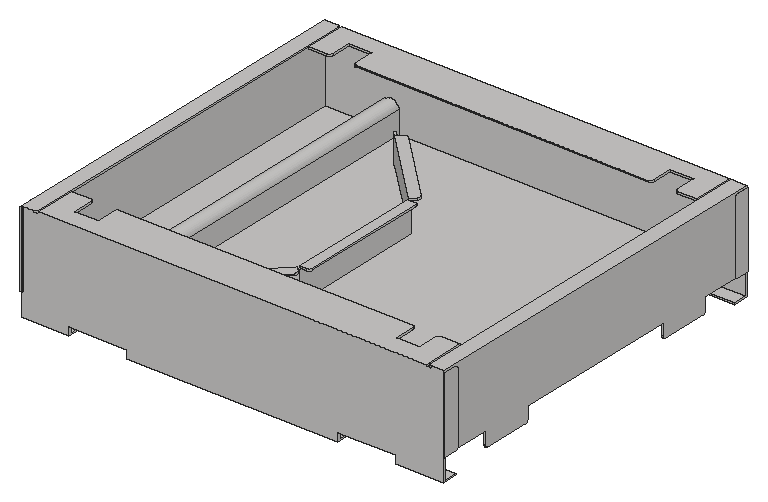
Revit family "QF_Vollrath_351038", category Specialty Equipment, Revit 2016
Family settings
  Part Type = Normal
  Round Connector Dimension = Use Diameter
  OmniClass Number = 23.40.40.00
  OmniClass Title = Food Service Equipment and Furnishings
  Work Plane-Based = No
  Always vertical = Yes
  Cut with Voids When Loaded = No
  Shared = No
  Room Calculation Point = No
Parameters
  Width = 18.196"
  Watermarked By = ""
  Model = "351038"
  Manufacturer = "Vollrath"
  Item Number = "-"
  Height = 4.25"
  Description = "Stack Kit"
  Depth = 16.328"
  Assembly Code = "E1090300"
Reference planes (in)
  plane 1 "BACK": y = 0
  plane 2: z = 0
  plane 3 "LEFT": x = -16.56573
  plane 4 "FRONT": y = -16.328
  plane 5 "RIGHT": x = 1.63027
  plane 6 "TOP": z = 4.25
  plane 7 "Bottom 2": z = 1
  plane 8 "Bottom 1": z = 0.34
  plane 9: y = -8.164
  plane 10: x = -7.46773
Forms (in)
  Extrusion 1, solid, material "QF_Stainless-Polished"
    sketch origin (0, 0, 0) x (1, 0, 0) y (0, 0, 1)
      loop
        line (1.63027, 0) -> (1.63027, 4.25) -> (-16.56573, 4.25) -> (-16.56573, 0) -> (-14.51573, 0) -> (-14.51573, 0.34) -> (-12.01573, 0.34) -> (-12.01573, 0) -> (-2.91973, 0) -> (-2.91973, 0.34) -> (-0.41973, 0.34) -> (-0.41973, 0) -> (1.63027, 0)
    from 0 to 0.06
  Extrusion 2, solid, material "QF_Stainless-Polished"
    sketch origin (0, -16.328, 0) x (-1, 0, 0) y (0, 0, 1)
      loop
        line (16.56573, 0) -> (16.56573, 4.25) -> (-1.63027, 4.25) -> (-1.63027, 0) -> (0.41973, 0) -> (0.41973, 0.34) -> (2.91973, 0.34) -> (2.91973, 0) -> (12.01573, 0) -> (12.01573, 0.34) -> (14.51573, 0.34) -> (14.51573, 0) -> (16.56573, 0)
    from 0 to 0.06
  Extrusion 3, solid, material "QF_Stainless-Polished"
    sketch origin (0, 0, 0) x (1, 0, 0) y (0, 1, 0)
      loop
        arc (-14.64573, -0.67) -> (-14.5538, -0.63192) -> (-14.51573, -0.54) r 0.13
        line (-14.51573, -0.54) -> (-14.51573, -0.06) -> (-16.56573, -0.06) -> (-16.56573, -0.67) -> (-14.64573, -0.67)
      loop
        line (-12.01573, -0.06) -> (-12.01573, -0.54)
        arc (-12.01573, -0.54) -> (-11.97765, -0.63192) -> (-11.88573, -0.67) r 0.13
        line (-11.88573, -0.67) -> (-3.04973, -0.67)
        arc (-3.04973, -0.67) -> (-2.9578, -0.63192) -> (-2.91973, -0.54) r 0.13
        line (-2.91973, -0.54) -> (-2.91973, -0.06) -> (-12.01573, -0.06)
      loop
        line (-0.41973, -0.06) -> (-0.41973, -0.54)
        arc (-0.41973, -0.54) -> (-0.38165, -0.63192) -> (-0.28973, -0.67) r 0.13
        line (-0.28973, -0.67) -> (1.63027, -0.67) -> (1.63027, -0.06) -> (-0.41973, -0.06)
    from 0 to 0.06
  Extrusion 4, solid, material "QF_Stainless-Polished"
    sketch origin (0, 0, 0) x (1, 0, 0) y (0, 1, 0)
      loop
        line (-16.56573, -15.658) -> (-16.56573, -16.268) -> (-14.51573, -16.268) -> (-14.51573, -15.788)
        arc (-14.51573, -15.788) -> (-14.5538, -15.69608) -> (-14.64573, -15.658) r 0.13
        line (-14.64573, -15.658) -> (-16.56573, -15.658)
      loop
        line (-12.01573, -16.268) -> (-2.91973, -16.268) -> (-2.91973, -15.788)
        arc (-2.91973, -15.788) -> (-2.9578, -15.69608) -> (-3.04973, -15.658) r 0.13
        line (-3.04973, -15.658) -> (-11.88573, -15.658)
        arc (-11.88573, -15.658) -> (-11.97765, -15.69608) -> (-12.01573, -15.788) r 0.13
        line (-12.01573, -15.788) -> (-12.01573, -16.268)
      loop
        line (-0.41973, -16.268) -> (1.63027, -16.268) -> (1.63027, -15.658) -> (-0.28973, -15.658)
        arc (-0.28973, -15.658) -> (-0.38165, -15.69608) -> (-0.41973, -15.788) r 0.13
        line (-0.41973, -15.788) -> (-0.41973, -16.268)
    from 0 to 0.06
  Extrusion 5, solid, material "QF_Stainless-Polished"
    sketch origin (-16.56573, 0, 0) x (0, 1, 0) y (0, 0, 1)
      loop
        line (0, 4.25) -> (-16.328, 4.25) -> (-16.328, 1) -> (-14.078, 1) -> (-14.078, 0.47)
        arc (-14.078, 0.47) -> (-14.03992, 0.37808) -> (-13.948, 0.34) r 0.13
        line (-13.948, 0.34) -> (-11.958, 0.34)
        arc (-11.958, 0.34) -> (-11.86608, 0.37808) -> (-11.828, 0.47) r 0.13
        line (-11.828, 0.47) -> (-11.828, 1) -> (-4.5, 1) -> (-4.5, 0.47)
        arc (-4.5, 0.47) -> (-4.46192, 0.37808) -> (-4.37, 0.34) r 0.13
        line (-4.37, 0.34) -> (-2.38, 0.34)
        arc (-2.38, 0.34) -> (-2.28808, 0.37808) -> (-2.25, 0.47) r 0.13
        line (-2.25, 0.47) -> (-2.25, 1) -> (0, 1) -> (0, 4.25)
    from 0 to 0.06
  Extrusion 6, solid, material "QF_Stainless-Polished"
    sketch origin (1.63027, 0, 0) x (0, 1, 0) y (0, 0, 1)
      loop
        line (-2.25, 1) -> (0, 1) -> (0, 4.25) -> (-16.328, 4.25) -> (-16.328, 1) -> (-14.078, 1) -> (-14.078, 0.47)
        arc (-14.078, 0.47) -> (-14.03992, 0.37808) -> (-13.948, 0.34) r 0.13
        line (-13.948, 0.34) -> (-11.958, 0.34)
        arc (-11.958, 0.34) -> (-11.86608, 0.37808) -> (-11.828, 0.47) r 0.13
        line (-11.828, 0.47) -> (-11.828, 1) -> (-4.5, 1) -> (-4.5, 0.47)
        arc (-4.5, 0.47) -> (-4.46192, 0.37808) -> (-4.37, 0.34) r 0.13
        line (-4.37, 0.34) -> (-2.38, 0.34)
        arc (-2.38, 0.34) -> (-2.28808, 0.37808) -> (-2.25, 0.47) r 0.13
        line (-2.25, 0.47) -> (-2.25, 1)
    from 0 to -0.06
  Extrusion 7, solid, material "QF_Stainless-Polished"
    sketch origin (0, 0, 4.25) x (0, 1, 0) y (-1, 0, 0)
      loop
        line (0, 16.56573) -> (-16.328, 16.56573) -> (-16.328, 16.02573)
        arc (-16.328, 16.02573) -> (-16.28992, 15.9338) -> (-16.198, 15.89573) r 0.13
        line (-16.198, 15.89573) -> (-0.13, 15.89573)
        arc (-0.13, 15.89573) -> (-0.03808, 15.9338) -> (0, 16.02573) r 0.13
        line (0, 16.02573) -> (0, 16.56573)
      loop
        line (-16.328, -1.63027) -> (0, -1.63027) -> (0, -1.09027)
        arc (0, -1.09027) -> (-0.03808, -0.99835) -> (-0.13, -0.96027) r 0.13
        line (-0.13, -0.96027) -> (-16.198, -0.96027)
        arc (-16.198, -0.96027) -> (-16.28992, -0.99835) -> (-16.328, -1.09027) r 0.13
        line (-16.328, -1.09027) -> (-16.328, -1.63027)
      loop
        line (-1.79, 15.83573) -> (-1.79, 15.02573)
        arc (-1.79, 15.02573) -> (-1.75192, 14.9338) -> (-1.66, 14.89573) r 0.13
        line (-1.66, 14.89573) -> (-0.79, 14.89573) -> (-0.79, 13.89573) -> (-1.66, 13.89573)
        arc (-1.66, 13.89573) -> (-1.75192, 13.85765) -> (-1.79, 13.76573) r 0.13
        line (-1.79, 13.76573) -> (-1.79, 1.16973)
        arc (-1.79, 1.16973) -> (-1.75192, 1.0778) -> (-1.66, 1.03973) r 0.13
        line (-1.66, 1.03973) -> (-0.79, 1.03973) -> (-0.79, 0.03973) -> (-1.66, 0.03973)
        arc (-1.66, 0.03973) -> (-1.75192, 0.00165) -> (-1.79, -0.09027) r 0.13
        line (-1.79, -0.09027) -> (-1.79, -0.90027) -> (0, -0.90027) -> (0, 15.83573) -> (-1.79, 15.83573)
      loop
        line (-14.538, -0.90027) -> (-14.538, -0.09027)
        arc (-14.538, -0.09027) -> (-14.57608, 0.00165) -> (-14.668, 0.03973) r 0.13
        line (-14.668, 0.03973) -> (-15.538, 0.03973) -> (-15.538, 1.03973) -> (-14.668, 1.03973)
        arc (-14.668, 1.03973) -> (-14.57608, 1.0778) -> (-14.538, 1.16973) r 0.13
        line (-14.538, 1.16973) -> (-14.538, 13.76573)
        arc (-14.538, 13.76573) -> (-14.57608, 13.85765) -> (-14.668, 13.89573) r 0.13
        line (-14.668, 13.89573) -> (-15.538, 13.89573) -> (-15.538, 14.89573) -> (-14.668, 14.89573)
        arc (-14.668, 14.89573) -> (-14.57608, 14.9338) -> (-14.538, 15.02573) r 0.13
        line (-14.538, 15.02573) -> (-14.538, 15.83573) -> (-16.328, 15.83573) -> (-16.328, -0.90027) -> (-14.538, -0.90027)
    from 0 to 0.06
  Extrusion 8, solid, material "QF_Stainless-Polished"
    sketch origin (1.63027, 0, 0) x (0, 1, 0) y (0, 0, 1)
      loop
        line (0, 4.25) -> (-0.54, 4.25)
        arc (-0.54, 4.25) -> (-0.63192, 4.21192) -> (-0.67, 4.12) r 0.13
        line (-0.67, 4.12) -> (-0.67, 1.13)
        arc (-0.67, 1.13) -> (-0.63192, 1.03808) -> (-0.54, 1) r 0.13
        line (-0.54, 1) -> (0, 1) -> (0, 4.25)
      loop
        line (-16.328, 4.25) -> (-16.328, 1) -> (-15.788, 1)
        arc (-15.788, 1) -> (-15.69608, 1.03808) -> (-15.658, 1.13) r 0.13
        line (-15.658, 1.13) -> (-15.658, 4.12)
        arc (-15.658, 4.12) -> (-15.69608, 4.21192) -> (-15.788, 4.25) r 0.13
        line (-15.788, 4.25) -> (-16.328, 4.25)
    from 0 to 0.06
  Extrusion 9, solid, material "QF_Stainless-Polished"
    sketch origin (-16.56573, 0, 0) x (0, 1, 0) y (0, 0, 1)
      loop
        arc (-0.54, 4.25) -> (-0.63192, 4.21192) -> (-0.67, 4.12) r 0.13
        line (-0.67, 4.12) -> (-0.67, 1.13)
        arc (-0.67, 1.13) -> (-0.63192, 1.03808) -> (-0.54, 1) r 0.13
        line (-0.54, 1) -> (0, 1) -> (0, 4.25) -> (-0.54, 4.25)
      loop
        line (-15.658, 1.13) -> (-15.658, 4.12)
        arc (-15.658, 4.12) -> (-15.69608, 4.21192) -> (-15.788, 4.25) r 0.13
        line (-15.788, 4.25) -> (-16.328, 4.25) -> (-16.328, 1) -> (-15.788, 1)
        arc (-15.788, 1) -> (-15.69608, 1.03808) -> (-15.658, 1.13) r 0.13
    from 0 to -0.06
  Extrusion 10, solid, material "QF_Stainless-Polished"
    sketch origin (0, 0, 1) x (0, 1, 0) y (-1, 0, 0)
      loop
        line (-16.268, 16.50573) -> (-16.268, -1.57027) -> (-0.06, -1.57027) -> (-0.06, 16.50573) -> (-16.268, 16.50573)
    from 0 to 0.06
  Extrusion 11, solid, material "QF_Stainless-Polished"
    sketch origin (0, 0, 1) x (0, 1, 0) y (-1, 0, 0)
      loop
        line (-16.268, 14.01573) -> (-16.268, 13.33573) -> (-0.06, 13.33573) -> (-0.06, 14.01573) -> (-16.268, 14.01573)
    from 0 to 1
  Sweep 12, solid, material "QF_Stainless-Polished"
    path in 3D
      loop
        line (-13.33573, -16.268, 2) -> (-13.33573, -0.06, 2)
    profile origin (-13.33573, -8.164, 2) x (-1, 0, 0) y (0, 0, 1)
      loop
        line (0, 0) -> (0.68, 0)
        arc (0.68, 0) -> (0.34, 0.34) -> (0, 0) r 0.34
  Extrusion 13, solid, material "QF_Stainless-Polished"
    sketch origin (0, 0, 1) x (0, 1, 0) y (-1, 0, 0)
      loop
        line (-11.164, 8.70573) -> (-5.164, 8.70573) -> (-1.79, 12.07973) -> (-1.79, 12.16458) -> (-5.18885, 8.76573) -> (-11.13915, 8.76573) -> (-14.538, 12.16458) -> (-14.538, 12.07973) -> (-11.164, 8.70573)
    from 0 to 1.3401
  Extrusion 14, solid, material "QF_Stainless-Polished"
    sketch origin (0, 0, 2.3401) x (0, 1, 0) y (-1, 0, 0)
      loop
        line (-5.24885, 8.76573) -> (-11.07915, 8.76573) -> (-11.07915, 8.47573)
        arc (-11.07915, 8.47573) -> (-11.04107, 8.3838) -> (-10.94915, 8.34573) r 0.13
        line (-10.94915, 8.34573) -> (-5.37885, 8.34573)
        arc (-5.37885, 8.34573) -> (-5.28693, 8.3838) -> (-5.24885, 8.47573) r 0.13
        line (-5.24885, 8.47573) -> (-5.24885, 8.76573)
      loop
        line (-2.08698, 11.86759) -> (-5.14643, 8.80815) -> (-4.94137, 8.60309)
        arc (-4.94137, 8.60309) -> (-4.84944, 8.56501) -> (-4.75752, 8.60309) r 0.13
        line (-4.75752, 8.60309) -> (-1.88192, 11.47868)
        arc (-1.88192, 11.47868) -> (-1.84385, 11.57061) -> (-1.88192, 11.66253) r 0.13
        line (-1.88192, 11.66253) -> (-2.08698, 11.86759)
      loop
        line (-11.18157, 8.80815) -> (-14.24102, 11.86759) -> (-14.44608, 11.66253)
        arc (-14.44608, 11.66253) -> (-14.48415, 11.57061) -> (-14.44608, 11.47868) r 0.13
        line (-14.44608, 11.47868) -> (-11.57048, 8.60309)
        arc (-11.57048, 8.60309) -> (-11.47856, 8.56501) -> (-11.38663, 8.60309) r 0.13
        line (-11.38663, 8.60309) -> (-11.18157, 8.80815)
    from 0 to 0.06
Cuts and joins
  joined: Extrusion 1, Extrusion 2, Extrusion 3, Extrusion 4, Extrusion 6, Extrusion 7
  joined: Extrusion 11, Sweep 12
  joined: Extrusion 10, Extrusion 13, Extrusion 14
Lines and regions (in)
  sketch lines
    curve 1: line (-13.33573, -16.268, 2) -> (-13.33573, -0.06, 2)
  symbolic lines
    curve 2: line (-16.56573, 0, 1) -> (1.63027, 0, 1)
    curve 3: line (-16.56573, -16.328, 1) -> (-16.56573, 0, 1)
    curve 4: line (1.63027, -16.328, 1) -> (-16.56573, -16.328, 1)
    curve 5: line (1.63027, 0, 1) -> (1.63027, -16.328, 1)
  symbolic lines, style "QF_Details_Surface"
    curve 6: line (-15.89573, -16.198, 1) -> (-15.89573, -0.13, 1)
    curve 7: arc (-15.89573, -0.13, 1) -> (-15.9338, -0.03808, 1) -> (-16.02573, 0, 1) r 0.13
    curve 8: arc (-16.02573, -16.328, 1) -> (-15.9338, -16.28992, 1) -> (-15.89573, -16.198, 1) r 0.13
    curve 9: line (-15.83573, 0, 1) -> (-15.83573, -1.79, 1)
    curve 10: line (-15.83573, -1.79, 1) -> (-15.02573, -1.79, 1)
    curve 11: arc (-15.02573, -1.79, 1) -> (-14.9338, -1.75192, 1) -> (-14.89573, -1.66, 1) r 0.13
    curve 12: line (-14.89573, -1.66, 1) -> (-14.89573, -0.79, 1)
    curve 13: line (-14.89573, -0.79, 1) -> (-13.89573, -0.79, 1)
    curve 14: line (-13.89573, -0.79, 1) -> (-13.89573, -1.66, 1)
    curve 15: arc (-13.89573, -1.66, 1) -> (-13.85765, -1.75192, 1) -> (-13.76573, -1.79, 1) r 0.13
    curve 16: line (-13.76573, -1.79, 1) -> (-1.16973, -1.79, 1)
    curve 17: arc (-1.16973, -1.79, 1) -> (-1.0778, -1.75192, 1) -> (-1.03973, -1.66, 1) r 0.13
    curve 18: line (-1.03973, -1.66, 1) -> (-1.03973, -0.79, 1)
    curve 19: line (-1.03973, -0.79, 1) -> (-0.03973, -0.79, 1)
    curve 20: line (-0.03973, -0.79, 1) -> (-0.03973, -1.66, 1)
    curve 21: arc (-0.03973, -1.66, 1) -> (-0.00165, -1.75192, 1) -> (0.09027, -1.79, 1) r 0.13
    curve 22: line (0.09027, -1.79, 1) -> (0.90027, -1.79, 1)
    curve 23: line (0.90027, -1.79, 1) -> (0.90027, 0, 1)
    curve 24: line (0.96027, -0.13, 1) -> (0.96027, -16.198, 1)
    curve 25: arc (1.09027, 0, 1) -> (0.99835, -0.03808, 1) -> (0.96027, -0.13, 1) r 0.13
    curve 26: arc (0.96027, -16.198, 1) -> (0.99835, -16.28992, 1) -> (1.09027, -16.328, 1) r 0.13
    curve 27: line (0.90027, -16.328, 1) -> (0.90027, -14.538, 1)
    curve 28: line (0.90027, -14.538, 1) -> (0.09027, -14.538, 1)
    curve 29: arc (0.09027, -14.538, 1) -> (-0.00165, -14.57608, 1) -> (-0.03973, -14.668, 1) r 0.13
    curve 30: line (-0.03973, -14.668, 1) -> (-0.03973, -15.538, 1)
    curve 31: line (-0.03973, -15.538, 1) -> (-1.03973, -15.538, 1)
    curve 32: line (-1.03973, -15.538, 1) -> (-1.03973, -14.668, 1)
    curve 33: arc (-1.03973, -14.668, 1) -> (-1.0778, -14.57608, 1) -> (-1.16973, -14.538, 1) r 0.13
    curve 34: line (-1.16973, -14.538, 1) -> (-13.76573, -14.538, 1)
    curve 35: line (-13.89573, -14.668, 1) -> (-13.89573, -15.538, 1)
    curve 36: arc (-13.76573, -14.538, 1) -> (-13.85765, -14.57608, 1) -> (-13.89573, -14.668, 1) r 0.13
    curve 37: line (-13.89573, -15.538, 1) -> (-14.89573, -15.538, 1)
    curve 38: line (-14.89573, -15.538, 1) -> (-14.89573, -14.668, 1)
    curve 39: arc (-14.89573, -14.668, 1) -> (-14.9338, -14.57608, 1) -> (-15.02573, -14.538, 1) r 0.13
    curve 40: line (-15.02573, -14.538, 1) -> (-15.83573, -14.538, 1)
    curve 41: line (-14.01573, -0.79, 1) -> (-14.01573, -15.538, 1)
    curve 42: line (-13.33573, -14.538, 1) -> (-13.33573, -1.79, 1)
    curve 43: line (-8.76573, -11.13915, 1) -> (-12.16458, -14.538, 1)
    curve 44: line (-11.86759, -14.24102, 1) -> (-11.66253, -14.44608, 1)
    curve 45: arc (-11.66253, -14.44608, 1) -> (-11.57061, -14.48415, 1) -> (-11.47868, -14.44608, 1) r 0.13
    curve 46: line (-11.47868, -14.44608, 1) -> (-8.60309, -11.57048, 1)
    curve 47: arc (-8.60309, -11.57048, 1) -> (-8.56501, -11.47856, 1) -> (-8.60309, -11.38663, 1) r 0.13
    curve 48: line (-8.60309, -11.38663, 1) -> (-8.80815, -11.18157, 1)
    curve 49: line (-8.76573, -11.07915, 1) -> (-8.47573, -11.07915, 1)
    curve 50: line (-8.76573, -5.18885, 1) -> (-8.76573, -11.13915, 1)
    curve 51: arc (-8.47573, -11.07915, 1) -> (-8.3838, -11.04107, 1) -> (-8.34573, -10.94915, 1) r 0.13
    curve 52: line (-8.34573, -10.94915, 1) -> (-8.34573, -5.37885, 1)
    curve 53: arc (-8.34573, -5.37885, 1) -> (-8.3838, -5.28693, 1) -> (-8.47573, -5.24885, 1) r 0.13
    curve 54: line (-8.47573, -5.24885, 1) -> (-8.76573, -5.24885, 1)
    curve 55: line (-8.80815, -5.14643, 1) -> (-8.60309, -4.94137, 1)
    curve 56: line (-12.16458, -1.79, 1) -> (-8.76573, -5.18885, 1)
    curve 57: arc (-8.60309, -4.94137, 1) -> (-8.56501, -4.84944, 1) -> (-8.60309, -4.75752, 1) r 0.13
    curve 58: line (-8.60309, -4.75752, 1) -> (-11.47868, -1.88192, 1)
    curve 59: arc (-11.47868, -1.88192, 1) -> (-11.57061, -1.84385, 1) -> (-11.66253, -1.88192, 1) r 0.13
    curve 60: line (-11.66253, -1.88192, 1) -> (-11.86759, -2.08698, 1)
    curve 61: line (-11.82517, -2.04456, 1) -> (-12.07973, -1.79, 1)
    curve 62: line (-8.70573, -5.164, 1) -> (-8.76573, -5.104, 1)
    curve 63: line (-8.70573, -5.164, 1) -> (-8.70573, -5.24885, 1)
    curve 64: line (-8.70573, -11.164, 1) -> (-8.70573, -11.07915, 1)
    curve 65: line (-8.70573, -11.164, 1) -> (-8.76573, -11.224, 1)
    curve 66: line (-11.82517, -14.28344, 1) -> (-12.07973, -14.538, 1)
Dimensions and locks (in)
  "Width": plane 3 "LEFT" to plane 5 "RIGHT"
  "Depth": plane 4 "FRONT" to plane 1 "BACK"
  "Height": plane 6 "TOP" to plane 2
  locked: plane 6 "TOP" to plane 7 "Bottom 2" at 3.25
  locked: plane 6 "TOP" to plane 8 "Bottom 1" at 3.91
  equal spacing: plane 3 "LEFT", plane 10, plane 5 "RIGHT"
  equal spacing: plane 1 "BACK", plane 9, plane 4 "FRONT"
  aligned and locked: level to plane 2
  aligned and locked: level to Extrusion 1 sketch curve
  aligned and locked: Extrusion 1 sketch curve to level
  aligned and locked: Extrusion 2 sketch curve to Extrusion 1  (x12)
  aligned and locked: plane 5 "RIGHT" to Extrusion 3 sketch curve
  aligned and locked: plane 3 "LEFT" to Extrusion 3 sketch curve
  aligned and locked: Extrusion 3 sketch curve to Extrusion 3 sketch curve  (x2)
  aligned and locked: Extrusion 1 to Extrusion 3 sketch curve  (x2)
  aligned and locked: Extrusion 5 sketch curve to plane 6 "TOP"
  aligned and locked: Extrusion 5 sketch curve to plane 7 "Bottom 2"
  aligned and locked: Extrusion 5 sketch curve to plane 8 "Bottom 1"
  aligned and locked: Extrusion 6 sketch curve to Extrusion 5  (x9)
  aligned and locked: Extrusion 6 sketch curve to plane 6 "TOP"
  aligned and locked: plane 4 "FRONT" to Extrusion 6 sketch curve
  aligned and locked: plane 1 "BACK" to Extrusion 6 sketch curve
  aligned and locked: curve 2 to cut or joined group of Extrusion 1, Extrusion 2, Extrusion 3, Extrusion 4, Extrusion 6, Extrusion 7
  aligned and locked: curve 3 to Extrusion 5
  aligned and locked: curve 4 to cut or joined group of Extrusion 1, Extrusion 2, Extrusion 3, Extrusion 4, Extrusion 6, Extrusion 7
  aligned and locked: curve 5 to Extrusion 8
Automatic sketch dimensions
  Extrusion 1 sketch curve to plane 3 "LEFT" = 0"
  Extrusion 1 sketch curve to plane 8 "Bottom 1" = 0"  (x2)
  Extrusion 1 sketch curve to plane 5 "RIGHT" = 0"
  plane 3 "LEFT" to Extrusion 1 sketch curve = 2.05"
  Extrusion 1 sketch curve to Extrusion 1 sketch curve = 2.5"
  Extrusion 1 sketch curve to plane 5 "RIGHT" = 4.55"
  Extrusion 1 sketch curve to plane 5 "RIGHT" = 2.05"
  Extrusion 1 sketch curve to level = 0"
  Extrusion 1 sketch curve to plane 6 "TOP" = 0"
  plane 3 "LEFT" to Extrusion 3 sketch curve = 1.92"
  plane 1 "BACK" to Extrusion 3 sketch curve = 0.06"
  Extrusion 3 sketch curve to Extrusion 3 sketch curve = 0.13"  (x3)
  plane 1 "BACK" to Extrusion 3 sketch curve = 0.54"  (x2)
  Extrusion 3 sketch curve to Extrusion 3 sketch curve = 2.5"
  Extrusion 3 sketch curve to plane 5 "RIGHT" = 4.68"
  Extrusion 3 sketch curve to plane 5 "RIGHT" = 2.05"
  Extrusion 4 sketch curve to plane 3 "LEFT" = 0"
  Extrusion 4 sketch curve to plane 5 "RIGHT" = 0"
  plane 4 "FRONT" to Extrusion 4 sketch curve = 0.54"  (x3)
  plane 3 "LEFT" to Extrusion 4 sketch curve = 1.92"
  plane 4 "FRONT" to Extrusion 4 sketch curve = 0.06"  (x3)
  Extrusion 4 sketch curve to Extrusion 4 sketch curve = 0.13"  (x3)
  Extrusion 4 sketch curve to Extrusion 4 sketch curve = 2.5"
  plane 10 to Extrusion 4 sketch curve = 4.418"
  Extrusion 4 sketch curve to plane 5 "RIGHT" = 2.05"
  Extrusion 4 sketch curve to Extrusion 4 sketch curve = 0.48"
  Extrusion 5 sketch curve to plane 4 "FRONT" = 0"
  Extrusion 5 sketch curve to plane 7 "Bottom 2" = 0"  (x2)
  Extrusion 5 sketch curve to plane 8 "Bottom 1" = 0"
  Extrusion 5 sketch curve to plane 1 "BACK" = 0"
  plane 4 "FRONT" to Extrusion 5 sketch curve = 2.25"
  Extrusion 5 sketch curve to Extrusion 5 sketch curve = 0.13"
  plane 8 "Bottom 1" to Extrusion 5 sketch curve = 0.13"  (x3)
  Extrusion 5 sketch curve to Extrusion 5 sketch curve = 1.99"  (x2)
  Extrusion 5 sketch curve to plane 9 = 3.664"
  Extrusion 6 sketch curve to Extrusion 6 sketch curve = 0.13"  (x3)
  plane 8 "Bottom 1" to Extrusion 6 sketch curve = 0.13"
  Extrusion 7 sketch curve to plane 4 "FRONT" = 0"  (x3)
  plane 1 "BACK" to Extrusion 7 sketch curve = 0"  (x3)
  Extrusion 7 sketch curve to plane 5 "RIGHT" = 0"
  Extrusion 7 sketch curve to plane 3 "LEFT" = 0"
  plane 4 "FRONT" to Extrusion 7 sketch curve = 0.13"  (x2)
  plane 4 "FRONT" to Extrusion 7 sketch curve = 0.79"  (x2)
  Extrusion 7 sketch curve to Extrusion 7 sketch curve = 0.87"  (x4)
  Extrusion 7 sketch curve to Extrusion 7 sketch curve = 0.13"  (x8)
  Extrusion 7 sketch curve to Extrusion 7 sketch curve = 1.79"
  Extrusion 7 sketch curve to Extrusion 7 sketch curve = 0"  (x2)
  plane 1 "BACK" to Extrusion 7 sketch curve = 0.79"  (x2)
  plane 1 "BACK" to Extrusion 7 sketch curve = 0.13"
  Extrusion 7 sketch curve to Extrusion 7 sketch curve = 0.54"
  Extrusion 7 sketch curve to plane 5 "RIGHT" = 0.73"  (x2)
  Extrusion 7 sketch curve to Extrusion 7 sketch curve = 0.81"  (x2)
  Extrusion 7 sketch curve to Extrusion 7 sketch curve = 1"  (x4)
  plane 3 "LEFT" to Extrusion 7 sketch curve = 2.8"  (x2)
  plane 3 "LEFT" to Extrusion 7 sketch curve = 0.73"  (x2)
  Extrusion 7 sketch curve to Extrusion 7 sketch curve = 0.06"
  Extrusion 8 sketch curve to plane 4 "FRONT" = 0"
  Extrusion 8 sketch curve to plane 7 "Bottom 2" = 0"  (x2)
  Extrusion 8 sketch curve to plane 6 "TOP" = 0"  (x2)
  Extrusion 8 sketch curve to plane 1 "BACK" = 0"
  Extrusion 8 sketch curve to Extrusion 8 sketch curve = 0.54"
  Extrusion 8 sketch curve to plane 6 "TOP" = 0.13"
  plane 4 "FRONT" to Extrusion 8 sketch curve = 0.54"
  plane 7 "Bottom 2" to Extrusion 8 sketch curve = 0.13"
  plane 1 "BACK" to Extrusion 8 sketch curve = 0.67"
  Extrusion 8 sketch curve to Extrusion 8 sketch curve = 0.13"
  Extrusion 9 sketch curve to plane 4 "FRONT" = 0"
  Extrusion 9 sketch curve to plane 7 "Bottom 2" = 0"  (x2)
  Extrusion 9 sketch curve to plane 6 "TOP" = 0"  (x2)
  Extrusion 9 sketch curve to plane 1 "BACK" = 0"
  plane 4 "FRONT" to Extrusion 9 sketch curve = 0.54"  (x2)
  Extrusion 9 sketch curve to plane 6 "TOP" = 0.13"  (x2)
  plane 1 "BACK" to Extrusion 9 sketch curve = 0.67"
  plane 7 "Bottom 2" to Extrusion 9 sketch curve = 0.13"
  plane 4 "FRONT" to Extrusion 10 sketch curve = 0.06"
  plane 1 "BACK" to Extrusion 10 sketch curve = 0.06"
  Extrusion 10 sketch curve to plane 5 "RIGHT" = 0.06"
  plane 3 "LEFT" to Extrusion 10 sketch curve = 0.06"
  plane 1 "BACK" to Extrusion 11 sketch curve = 0.06"
  plane 3 "LEFT" to Extrusion 11 sketch curve = 2.55"
  Extrusion 11 sketch curve to Extrusion 11 sketch curve = 0.68"
  plane 4 "FRONT" to Extrusion 11 sketch curve = 0.06"
  Sweep 12 sketch curve to profile plane = 0"  (x2)
  Sweep 12 sketch curve to profile plane = 0.34"
  Extrusion 13 sketch curve to plane 10 = 1.238"
  plane 9 to Extrusion 13 sketch curve = 3"
  Extrusion 13 sketch curve to plane 10 = 1.298"
  Extrusion 13 sketch curve to Extrusion 13 sketch curve = 0.02485"  (x2)
  Extrusion 13 sketch curve to plane 9 = 2.97515"
  plane 1 "BACK" to Extrusion 13 sketch curve = 1.79"
  plane 3 "LEFT" to Extrusion 13 sketch curve = 4.486"  (x2)
  Extrusion 13 sketch curve to Extrusion 13 sketch curve = 0.08485"  (x2)
  plane 4 "FRONT" to Extrusion 13 sketch curve = 1.79"
  Extrusion 14 sketch curve to Extrusion 13 = 0.29698"  (x2)
  Extrusion 14 sketch curve to Extrusion 13 = 0"  (x3)
  Extrusion 13 to Extrusion 14 sketch curve = 0.04243"  (x4)
  Extrusion 13 to Extrusion 14 sketch curve = 0"  (x2)
  Extrusion 14 sketch curve to Extrusion 13 = 0.09192"  (x4)
  Extrusion 14 sketch curve to Extrusion 14 sketch curve = 0.09192"  (x3)
  Extrusion 13 to Extrusion 14 sketch curve = 0.10263"  (x4)
  Extrusion 14 sketch curve to Extrusion 14 sketch curve = 0.13"  (x2)
  Extrusion 13 to Extrusion 14 sketch curve = 0.01071"  (x2)
  Extrusion 14 sketch curve to Extrusion 13 = 0.18385"
  Extrusion 14 sketch curve to Extrusion 14 sketch curve = 0.12737"
  Extrusion 14 sketch curve to Extrusion 14 sketch curve = 0.18385"  (x2)
  plane 4 "FRONT" to curve 6 = 0.13"
  plane 4 "FRONT" to curve 26 = 0.13"
  plane 4 "FRONT" to curve 30 = 0.79"
  plane 4 "FRONT" to curve 38 = 0.79"
  curve 31 to curve 32 = 0.87"
  curve 35 to curve 36 = 0.87"
  curve 30 to curve 30 = 0.87"
  curve 37 to curve 38 = 0.87"
  curve 36 to curve 34 = 0.13"
  curve 29 to curve 28 = 0.13"
  curve 39 to curve 40 = 0.13"
  curve 66 to curve 46 = 0.09192"
  curve 44 to curve 45 = 0"
  curve 45 to curve 45 = 0.09192"  (x2)
  curve 46 to plane 10 = 1.13537"
  plane 9 to curve 46 = 3.40648"
  curve 46 to curve 47 = 0.09192"
  curve 48 to plane 10 = 1.13537"
  curve 47 to curve 65 = 0.22263"
  curve 64 to curve 50 = 0.02485"
  curve 64 to curve 49 = 0.08485"
  curve 51 to curve 52 = 0.13"
  curve 53 to plane 9 = 2.78515"
  curve 53 to curve 54 = 0.13"
  curve 56 to plane 10 = 1.298"
  curve 54 to curve 56 = 0.06"
  curve 62 to plane 10 = 1.238"
  curve 50 to curve 62 = 0.02485"
  curve 55 to plane 10 = 1.13537"
  curve 62 to curve 55 = 0.22263"
  curve 57 to curve 57 = 0.09192"
  curve 58 to plane 10 = 1.13537"
  plane 1 "BACK" to curve 59 = 1.97385"
  curve 59 to curve 60 = 0.09192"
  curve 59 to curve 58 = 0.09192"
  curve 23 to plane 5 "RIGHT" = 0.73"
  curve 23 to curve 23 = 1.79"
  curve 16 to curve 21 = 0"
  curve 9 to curve 9 = 1.79"
  curve 16 to curve 15 = 0.13"
  curve 22 to curve 21 = 0.13"
  curve 16 to curve 18 = 0.13"
  curve 10 to curve 11 = 0.13"
  plane 1 "BACK" to curve 12 = 0.79"
  plane 1 "BACK" to curve 20 = 0.79"
  plane 1 "BACK" to curve 6 = 0.13"
  curve 25 to curve 25 = 0.13"
  curve 26 to plane 5 "RIGHT" = 0.54"
  curve 27 to plane 5 "RIGHT" = 0.73"
  curve 27 to curve 28 = 0.81"
  curve 22 to curve 21 = 0.81"
  curve 19 to curve 19 = 1"
  curve 30 to curve 32 = 1"
  curve 52 to curve 63 = 0.36"
  curve 58 to curve 57 = 0.09192"
  curve 48 to curve 47 = 0.09192"
  curve 65 to curve 43 = 0.06"
  curve 58 to plane 10 = 4.01096"
  curve 46 to plane 10 = 4.01096"
  curve 58 to curve 59 = 0.09192"
  curve 44 to curve 34 = 2.10319"
  curve 60 to curve 16 = 2.10319"
  curve 15 to curve 12 = 1"
  curve 35 to curve 38 = 1"
  plane 3 "LEFT" to curve 10 = 0.73"
  plane 3 "LEFT" to curve 6 = 0.67"
  curve 44 to curve 66 = 0.16263"
  plane 3 "LEFT" to curve 44 = 4.69813"
  curve 50 to curve 55 = 0.04243"
  curve 60 to curve 61 = 0.04243"
  curve 42 to curve 34 = 0.43"
  curve 35 to curve 41 = 0.12"
  plane 3 "LEFT" to curve 40 = 0.73"
